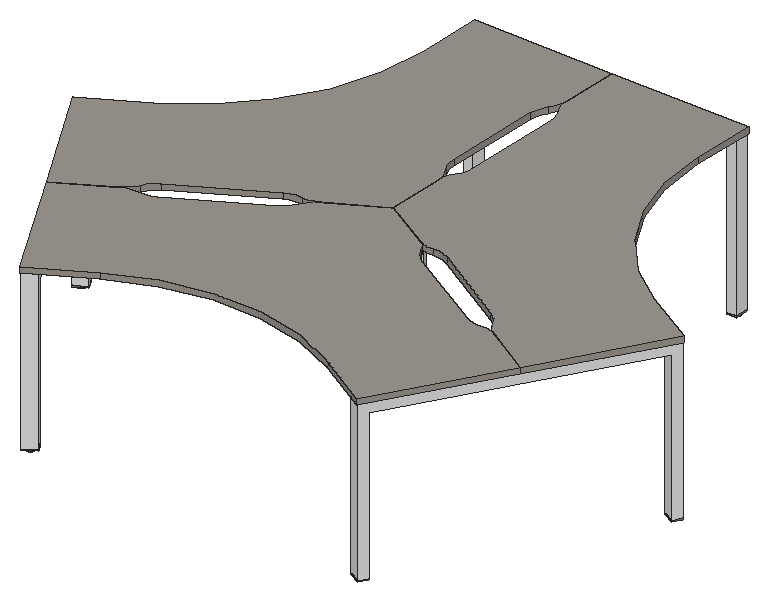
Revit family "120 Degree 3 User Symmetrical Workstation", category Furniture, Revit 2016
Family settings
  OmniClass Number = 23.40.20.00
  OmniClass Title = General Furniture and Specialties
  Work Plane-Based = No
  Always vertical = Yes
  Cut with Voids When Loaded = No
  Shared = No
  Room Calculation Point = No
Parameters
  URL = "www.gof.co.uk"
  Type Comments = ""
  Range = "MESA"
  Product Code = "MESWC1206-3"
  Desktop = Gresham - Nordic Ash
  Model = ""
  Manufacturer = "Gresham Office Furniture"  # constant formula
  Frame = Gresham - Black Metal
  Foot = Gresham - Black Plastic
  Assembly Code = "E2020200"
Reference planes
  plane 1 "Center (Front/Back)": y = -58.397
  plane 2: z = 0
  plane 3 "Center (Left/Right)": x = 0
  plane 4 "Desktop Underside": z = 702
  plane 5 "Foot": z = 10
  plane 6: y = 588.013
  plane 7: y = -704.808
  plane 8: x = -1039.23
  plane 9: x = 1039.23
Forms (mm)
  Extrusion 1, solid, material "Gresham - Nordic Ash" <- "Desktop"
    sketch origin (-2813.985, 1941.512, 702) x (-1, 0, 0) y (0, -1, 0)
      loop
        line (-3030.492, 1478.5) -> (-2813.985, 1353.5) -> (-2597.479, 1478.5)
        arc (-2597.479, 1478.5) -> (-2568.541, 1501.862) -> (-2548.146, 1532.963) r 120
        arc (-2548.146, 1532.963) -> (-2527.751, 1564.064) -> (-2498.813, 1587.426) r 120
        line (-2498.813, 1587.426) -> (-2134.927, 1797.516)
        arc (-2134.927, 1797.516) -> (-2100.226, 1810.895) -> (-2063.094, 1813.008) r 120
        arc (-2063.094, 1813.008) -> (-2025.963, 1815.12) -> (-1991.261, 1828.5) r 120
        line (-1991.261, 1828.5) -> (-1774.755, 1953.5) -> (-2074.755, 2473.115) -> (-2313.985, 2334.995)
        arc (-2313.985, 2334.995) -> (-2813.985, 2201.021) -> (-3313.985, 2334.995) r 1000
        line (-3313.985, 2334.995) -> (-3553.216, 2473.115) -> (-3853.216, 1953.5) -> (-3636.709, 1828.5)
        arc (-3636.709, 1828.5) -> (-3602.008, 1815.12) -> (-3564.876, 1813.008) r 120
        arc (-3564.876, 1813.008) -> (-3527.745, 1810.895) -> (-3493.043, 1797.516) r 120
        line (-3493.043, 1797.516) -> (-3129.158, 1587.426)
        arc (-3129.158, 1587.426) -> (-3100.22, 1564.064) -> (-3079.825, 1532.963) r 120
        arc (-3079.825, 1532.963) -> (-3059.43, 1501.862) -> (-3030.492, 1478.5) r 120
    from 0 to 25
  Sweep 2, solid, material "Gresham - Black Metal" <- "Frame"
    path in 3D
      loop
        line (-835.104, -240.545, 702) -> (0, 241.603, 702) -> (835.104, -240.545, 702)
    profile origin (-417.552, 0.529, 702) x (-0.5, 0.866025, 0) y (0, 0, 1)
      loop
        line (20, 0) -> (-20, 0) -> (-20, -40) -> (20, -40) -> (20, 0)
  Extrusion 3, solid, material "Gresham - Black Metal" <- "Frame"
    sketch origin (48.06, 60.47, 702) x (-1, 0, 0) y (0, -1, 0)
      loop
        line (28.06, -457.543) -> (68.06, -457.543) -> (68.06, -417.543) -> (28.06, -417.543) -> (28.06, -457.543)
    from -692 to -3
  Extrusion 4, solid, material "Gresham - Black Metal" <- "Frame"
    sketch origin (0, 0, 702) x (-1, 0, 0) y (0, -1, 0)
      loop
        line (8.66, -548.013) -> (47.631, -480.513)
        arc (47.631, -480.513) -> (47.631, -470.513) -> (38.971, -465.513) r 10
        line (38.971, -465.513) -> (-38.971, -465.513)
        arc (-38.971, -465.513) -> (-47.631, -470.513) -> (-47.631, -480.513) r 10
        line (-47.631, -480.513) -> (-8.66, -548.013)
        arc (-8.66, -548.013) -> (0, -553.013) -> (8.66, -548.013) r 10
    from 0 to -3
  Extrusion 5, solid, material "Gresham - Black Plastic" <- "Foot"
    sketch origin (0, 0, 10) x (-1, 0, 0) y (0, -1, 0)
      loop
        line (-20, -518.013) -> (20, -518.013) -> (20, -478.013) -> (-20, -478.013) -> (-20, -518.013)
    from 0 to -5
  Extrusion 6, solid, material "Gresham - Black Plastic" <- "Foot"
    sketch origin (0, 0, 10) x (-1, 0, 0) y (0, -1, 0)
      loop
        circle (0, -498.013) r 18
    from -5 to -10
  Extrusion 7, solid, material "Gresham - Nordic Ash" <- "Desktop"
    sketch origin (2579.158, 2348.246, 702) x (0.5, 0.866025, 0) y (-0.866025, 0.5, 0)
      loop
        line (-3030.492, 1478.5) -> (-2813.985, 1353.5) -> (-2597.479, 1478.5)
        arc (-2597.479, 1478.5) -> (-2568.541, 1501.862) -> (-2548.146, 1532.963) r 120
        arc (-2548.146, 1532.963) -> (-2527.751, 1564.064) -> (-2498.813, 1587.426) r 120
        line (-2498.813, 1587.426) -> (-2134.927, 1797.516)
        arc (-2134.927, 1797.516) -> (-2100.226, 1810.895) -> (-2063.094, 1813.008) r 120
        arc (-2063.094, 1813.008) -> (-2025.963, 1815.12) -> (-1991.261, 1828.5) r 120
        line (-1991.261, 1828.5) -> (-1774.755, 1953.5) -> (-2074.755, 2473.115) -> (-2313.985, 2334.995)
        arc (-2313.985, 2334.995) -> (-2813.985, 2201.021) -> (-3313.985, 2334.995) r 1000
        line (-3313.985, 2334.995) -> (-3553.216, 2473.115) -> (-3853.216, 1953.5) -> (-3636.709, 1828.5)
        arc (-3636.709, 1828.5) -> (-3602.008, 1815.12) -> (-3564.876, 1813.008) r 120
        arc (-3564.876, 1813.008) -> (-3527.745, 1810.895) -> (-3493.043, 1797.516) r 120
        line (-3493.043, 1797.516) -> (-3129.158, 1587.426)
        arc (-3129.158, 1587.426) -> (-3100.22, 1564.064) -> (-3079.825, 1532.963) r 120
        arc (-3079.825, 1532.963) -> (-3059.43, 1501.862) -> (-3030.492, 1478.5) r 120
    from 0 to 25
  Sweep 8, solid, material "Gresham - Black Metal" <- "Frame"
    path in 3D
      loop
        line (-300, 1725.513, 702) -> (-300, 761.218, 702) -> (-1135.104, 279.07, 702)
    profile origin (-300, 1243.365, 702) x (1, 0, 0) y (0, 0, 1)
      loop
        line (20, 0) -> (-20, 0) -> (-20, -40) -> (20, -40) -> (20, 0)
  Extrusion 9, solid, material "Gresham - Black Metal" <- "Frame"
    sketch origin (-480.895, 810.163, 702) x (0.5, 0.866025, 0) y (-0.866025, 0.5, 0)
      loop
        line (28.06, -457.543) -> (68.06, -457.543) -> (68.06, -417.543) -> (28.06, -417.543) -> (28.06, -457.543)
    from -692 to -3
  Extrusion 10, solid, material "Gresham - Black Metal" <- "Frame"
    sketch origin (-509.234, 882.019, 702) x (0.5, 0.866025, 0) y (-0.866025, 0.5, 0)
      loop
        line (8.66, -548.013) -> (47.631, -480.513)
        arc (47.631, -480.513) -> (47.631, -470.513) -> (38.971, -465.513) r 10
        line (38.971, -465.513) -> (-38.971, -465.513)
        arc (-38.971, -465.513) -> (-47.631, -470.513) -> (-47.631, -480.513) r 10
        line (-47.631, -480.513) -> (-8.66, -548.013)
        arc (-8.66, -548.013) -> (0, -553.013) -> (8.66, -548.013) r 10
    from 0 to -3
  Extrusion 11, solid, material "Gresham - Black Plastic" <- "Foot"
    sketch origin (-509.234, 882.019, 10) x (0.5, 0.866025, 0) y (-0.866025, 0.5, 0)
      loop
        line (-20, -518.013) -> (20, -518.013) -> (20, -478.013) -> (-20, -478.013) -> (-20, -518.013)
    from 0 to -5
  Extrusion 12, solid, material "Gresham - Black Plastic" <- "Foot"
    sketch origin (-509.234, 882.019, 10) x (0.5, 0.866025, 0) y (-0.866025, 0.5, 0)
      loop
        circle (0, -498.013) r 18
    from -5 to -10
  Extrusion 13, solid, material "Gresham - Nordic Ash" <- "Desktop"
    sketch origin (234.828, -2525.72, 702) x (0.5, -0.866025, 0) y (0.866025, 0.5, 0)
      loop
        line (-3030.492, 1478.5) -> (-2813.985, 1353.5) -> (-2597.479, 1478.5)
        arc (-2597.479, 1478.5) -> (-2568.541, 1501.862) -> (-2548.146, 1532.963) r 120
        arc (-2548.146, 1532.963) -> (-2527.751, 1564.064) -> (-2498.813, 1587.426) r 120
        line (-2498.813, 1587.426) -> (-2134.927, 1797.516)
        arc (-2134.927, 1797.516) -> (-2100.226, 1810.895) -> (-2063.094, 1813.008) r 120
        arc (-2063.094, 1813.008) -> (-2025.963, 1815.12) -> (-1991.261, 1828.5) r 120
        line (-1991.261, 1828.5) -> (-1774.755, 1953.5) -> (-2074.755, 2473.115) -> (-2313.985, 2334.995)
        arc (-2313.985, 2334.995) -> (-2813.985, 2201.021) -> (-3313.985, 2334.995) r 1000
        line (-3313.985, 2334.995) -> (-3553.216, 2473.115) -> (-3853.216, 1953.5) -> (-3636.709, 1828.5)
        arc (-3636.709, 1828.5) -> (-3602.008, 1815.12) -> (-3564.876, 1813.008) r 120
        arc (-3564.876, 1813.008) -> (-3527.745, 1810.895) -> (-3493.043, 1797.516) r 120
        line (-3493.043, 1797.516) -> (-3129.158, 1587.426)
        arc (-3129.158, 1587.426) -> (-3100.22, 1564.064) -> (-3079.825, 1532.963) r 120
        arc (-3079.825, 1532.963) -> (-3059.43, 1501.862) -> (-3030.492, 1478.5) r 120
    from 0 to 25
  Sweep 14, solid, material "Gresham - Black Metal" <- "Frame"
    path in 3D
      loop
        line (1135.104, 279.07, 702) -> (300, 761.218, 702) -> (300, 1725.513, 702)
    profile origin (717.552, 520.144, 702) x (-0.5, -0.866025, 0) y (0, 0, 1)
      loop
        line (20, 0) -> (-20, 0) -> (-20, -40) -> (20, -40) -> (20, 0)
  Extrusion 15, solid, material "Gresham - Black Metal" <- "Frame"
    sketch origin (432.835, 893.405, 702) x (0.5, -0.866025, 0) y (0.866025, 0.5, 0)
      loop
        line (28.06, -457.543) -> (68.06, -457.543) -> (68.06, -417.543) -> (28.06, -417.543) -> (28.06, -457.543)
    from -692 to -3
  Extrusion 16, solid, material "Gresham - Black Metal" <- "Frame"
    sketch origin (509.234, 882.019, 702) x (0.5, -0.866025, 0) y (0.866025, 0.5, 0)
      loop
        line (8.66, -548.013) -> (47.631, -480.513)
        arc (47.631, -480.513) -> (47.631, -470.513) -> (38.971, -465.513) r 10
        line (38.971, -465.513) -> (-38.971, -465.513)
        arc (-38.971, -465.513) -> (-47.631, -470.513) -> (-47.631, -480.513) r 10
        line (-47.631, -480.513) -> (-8.66, -548.013)
        arc (-8.66, -548.013) -> (0, -553.013) -> (8.66, -548.013) r 10
    from 0 to -3
  Extrusion 17, solid, material "Gresham - Black Plastic" <- "Foot"
    sketch origin (509.234, 882.019, 10) x (0.5, -0.866025, 0) y (0.866025, 0.5, 0)
      loop
        line (-20, -518.013) -> (20, -518.013) -> (20, -478.013) -> (-20, -478.013) -> (-20, -518.013)
    from 0 to -5
  Extrusion 18, solid, material "Gresham - Black Plastic" <- "Foot"
    sketch origin (509.234, 882.019, 10) x (0.5, -0.866025, 0) y (0.866025, 0.5, 0)
      loop
        circle (0, -498.013) r 18
    from -5 to -10
Lines and regions (mm)
  model lines
    curve 1: line (-835.104, -240.545, 702) -> (0, 241.603, 702)
    curve 2: line (835.104, -240.545, 702) -> (0, 241.603, 702)
    curve 5: line (-300, 1725.513, 702) -> (-300, 761.218, 702)
    curve 6: line (-1135.104, 279.07, 702) -> (-300, 761.218, 702)
    curve 9: line (1135.104, 279.07, 702) -> (300, 761.218, 702)
    curve 10: line (300, 1725.513, 702) -> (300, 761.218, 702)
  sketch lines
    curve 3: line (-835.104, -240.545, 702) -> (0, 241.603, 702)
    curve 4: line (835.104, -240.545, 702) -> (0, 241.603, 702)
    curve 7: line (-300, 1725.513, 702) -> (-300, 761.218, 702)
    curve 8: line (-1135.104, 279.07, 702) -> (-300, 761.218, 702)
    curve 11: line (1135.104, 279.07, 702) -> (300, 761.218, 702)
    curve 12: line (300, 1725.513, 702) -> (300, 761.218, 702)
Dimensions and locks
  locked: plane 4 "Desktop Underside" to plane 2 at 702
  locked: plane 2 to plane 5 "Foot" at 10
  plane 7 to plane 1 "Center (Front/Back)" to plane 6 = 646.41 mm, 646.41 mm
  Extrusion 1 sketch curve to Extrusion 1 sketch curve = 1200 mm  (x2)
  Extrusion 1 sketch curve to Extrusion 1 sketch curve = 250 mm  (x4)
  Extrusion 1 sketch curve to Extrusion 1 sketch curve = 45 mm  (x2)
  plane 8 to plane 9 = 2078.461 mm
  equal spacing: plane 8, plane 3 "Center (Left/Right)", plane 9
  Sweep 2 sketch curve to Extrusion 1 = 40 mm
  Sweep 2 sketch curve to Sweep 2 sketch curve = 40 mm
  plane 7 to plane 6 = 1292.82 mm
  nested 2 to level = 10 mm
  locked: Extrusion 1 to nested 1 at 2.5  (x2)
  locked: Extrusion 1 to nested 2 at 2.5  (x2)
  Extrusion 7 sketch curve to Extrusion 7 sketch curve = 1200 mm  (x2)
  Extrusion 7 sketch curve to Extrusion 7 sketch curve = 250 mm  (x4)
  Extrusion 7 sketch curve to Extrusion 7 sketch curve = 45 mm  (x2)
  Sweep 8 sketch curve to Extrusion 7 = 40 mm
  Sweep 8 sketch curve to Sweep 8 sketch curve = 40 mm
  locked: Extrusion 7 to nested 3 at 2.5  (x2)
  locked: Extrusion 7 to nested 4 at 2.5  (x2)
  Extrusion 13 sketch curve to Extrusion 13 sketch curve = 1200 mm  (x2)
  Extrusion 13 sketch curve to Extrusion 13 sketch curve = 250 mm  (x4)
  Extrusion 13 sketch curve to Extrusion 13 sketch curve = 45 mm  (x2)
  Sweep 14 sketch curve to Extrusion 13 = 40 mm
  Sweep 14 sketch curve to Sweep 14 sketch curve = 40 mm
  locked: Extrusion 13 to nested 5 at 2.5  (x2)
  locked: Extrusion 13 to nested 6 at 2.5  (x2)
  radius of Extrusion 6 sketch curve = 18 mm
  radius of Extrusion 12 sketch curve = 18 mm
  radius of Extrusion 18 sketch curve = 18 mm
  aligned and locked: level to plane 2
  aligned and locked: Extrusion 3 to Extrusion 4
  aligned and locked: Extrusion 6 to Extrusion 5
  aligned and locked: Extrusion 9 to Extrusion 10
  aligned and locked: Extrusion 12 to Extrusion 11
  aligned and locked: Extrusion 15 to Extrusion 16
  aligned and locked: Extrusion 18 to Extrusion 17
Automatic sketch dimensions
  profile plane to Sweep 2 sketch curve = 0 mm
  profile plane to Sweep 2 sketch curve = 20 mm
  Extrusion 3 sketch curve to Extrusion 3 sketch curve = 40 mm  (x2)
  Extrusion 4 sketch curve to Extrusion 4 sketch curve = 8.66 mm  (x4)
  Extrusion 4 sketch curve to Extrusion 4 sketch curve = 38.971 mm
  Extrusion 4 sketch curve to Extrusion 4 sketch curve = 77.942 mm
  Extrusion 4 sketch curve to Extrusion 4 sketch curve = 5 mm  (x2)
  Extrusion 4 sketch curve to Extrusion 4 sketch curve = 67.5 mm
  Extrusion 4 sketch curve to Extrusion 4 sketch curve = 15 mm
  Extrusion 5 sketch curve to Extrusion 5 sketch curve = 40 mm  (x2)
  Extrusion 1 sketch curve to Extrusion 1 sketch curve = 239.23 mm  (x2)
  Extrusion 1 sketch curve to Extrusion 1 sketch curve = 60 mm  (x8)
  Extrusion 1 sketch curve to Extrusion 1 sketch curve = 83.666 mm  (x2)
  Extrusion 1 sketch curve to Extrusion 1 sketch curve = 98.666 mm  (x2)
  Extrusion 1 sketch curve to Extrusion 1 sketch curve = 103.923 mm  (x8)
  Extrusion 1 sketch curve to Extrusion 1 sketch curve = 866.025 mm
  Extrusion 1 sketch curve to Extrusion 1 sketch curve = 138.12 mm
  Extrusion 1 sketch curve to Extrusion 1 sketch curve = 216.506 mm  (x2)
  Extrusion 1 sketch curve to Extrusion 1 sketch curve = 23.494 mm
  Extrusion 1 sketch curve to Extrusion 1 sketch curve = 363.885 mm  (x2)
  Extrusion 1 sketch curve to Extrusion 1 sketch curve = 500 mm
  Extrusion 1 sketch curve to Extrusion 1 sketch curve = 156.506 mm
  profile plane to Sweep 8 sketch curve = 0 mm
  profile plane to Sweep 8 sketch curve = 20 mm
  Extrusion 9 sketch curve to Extrusion 9 sketch curve = 40 mm  (x2)
  Extrusion 10 sketch curve to Extrusion 10 sketch curve = 8.66 mm  (x4)
  Extrusion 10 sketch curve to Extrusion 10 sketch curve = 38.971 mm
  Extrusion 10 sketch curve to Extrusion 10 sketch curve = 77.942 mm
  Extrusion 10 sketch curve to Extrusion 10 sketch curve = 5 mm  (x2)
  Extrusion 10 sketch curve to Extrusion 10 sketch curve = 67.5 mm
  Extrusion 10 sketch curve to Extrusion 10 sketch curve = 15 mm
  Extrusion 11 sketch curve to Extrusion 11 sketch curve = 40 mm  (x2)
  Extrusion 7 sketch curve to Extrusion 7 sketch curve = 239.23 mm  (x2)
  Extrusion 7 sketch curve to Extrusion 7 sketch curve = 60 mm  (x8)
  Extrusion 7 sketch curve to Extrusion 7 sketch curve = 83.666 mm  (x2)
  Extrusion 7 sketch curve to Extrusion 7 sketch curve = 98.666 mm  (x2)
  Extrusion 7 sketch curve to Extrusion 7 sketch curve = 103.923 mm  (x8)
  Extrusion 7 sketch curve to Extrusion 7 sketch curve = 866.025 mm
  Extrusion 7 sketch curve to Extrusion 7 sketch curve = 138.12 mm
  Extrusion 7 sketch curve to Extrusion 7 sketch curve = 216.506 mm  (x2)
  Extrusion 7 sketch curve to Extrusion 7 sketch curve = 23.494 mm
  Extrusion 7 sketch curve to Extrusion 7 sketch curve = 363.885 mm  (x2)
  Extrusion 7 sketch curve to Extrusion 7 sketch curve = 500 mm
  Extrusion 7 sketch curve to Extrusion 7 sketch curve = 156.506 mm
  profile plane to Sweep 14 sketch curve = 0 mm
  profile plane to Sweep 14 sketch curve = 20 mm
  Extrusion 15 sketch curve to Extrusion 15 sketch curve = 40 mm  (x2)
  Extrusion 16 sketch curve to Extrusion 16 sketch curve = 8.66 mm  (x4)
  Extrusion 16 sketch curve to Extrusion 16 sketch curve = 38.971 mm
  Extrusion 16 sketch curve to Extrusion 16 sketch curve = 77.942 mm
  Extrusion 16 sketch curve to Extrusion 16 sketch curve = 5 mm  (x2)
  Extrusion 16 sketch curve to Extrusion 16 sketch curve = 67.5 mm
  Extrusion 16 sketch curve to Extrusion 16 sketch curve = 15 mm
  Extrusion 17 sketch curve to Extrusion 17 sketch curve = 40 mm  (x2)
  Extrusion 13 sketch curve to Extrusion 13 sketch curve = 239.23 mm  (x2)
  Extrusion 13 sketch curve to Extrusion 13 sketch curve = 60 mm  (x8)
  Extrusion 13 sketch curve to Extrusion 13 sketch curve = 83.666 mm  (x2)
  Extrusion 13 sketch curve to Extrusion 13 sketch curve = 98.666 mm  (x2)
  Extrusion 13 sketch curve to Extrusion 13 sketch curve = 103.923 mm  (x8)
  Extrusion 13 sketch curve to Extrusion 13 sketch curve = 866.025 mm
  Extrusion 13 sketch curve to Extrusion 13 sketch curve = 138.12 mm
  Extrusion 13 sketch curve to Extrusion 13 sketch curve = 216.506 mm  (x2)
  Extrusion 13 sketch curve to Extrusion 13 sketch curve = 23.494 mm
  Extrusion 13 sketch curve to Extrusion 13 sketch curve = 363.885 mm  (x2)
  Extrusion 13 sketch curve to Extrusion 13 sketch curve = 500 mm
  Extrusion 13 sketch curve to Extrusion 13 sketch curve = 156.506 mm
Nested families
  nested 1: "1200 Mesa Leg" at (792.82, 361.218, 0) x (0.866, -0.5, 0) z (0, 0, 1), type "1200 Mesa Leg"
  nested 2: "1200 Mesa Leg" at (-792.82, 361.218, 0) x (-0.866, -0.5, 0) z (0, 0, 1), type "1200 Mesa Leg"
  nested 3: "1200 Mesa Leg" at (-592.82, 14.808, 0) x (-0.866, -0.5, 0) z (0, 0, 1), type "1200 Mesa Leg"
  nested 4: "1200 Mesa Leg" at (200, 1388.013, 0) x (0, 1, 0) z (0, 0, 1), type "1200 Mesa Leg"
  nested 5: "1200 Mesa Leg" at (-200, 1388.013, 0) x (0, 1, 0) z (0, 0, 1), type "1200 Mesa Leg"
  nested 6: "1200 Mesa Leg" at (592.82, 14.808, 0) x (0.866, -0.5, 0) z (0, 0, 1), type "1200 Mesa Leg"
Definition of nested family "1200 Mesa Leg"
  Parameters (values of type "1200 Mesa Leg")
    Width = 800 mm
    URL = "www.gof.co.uk"
    Type Comments = ""
    Range = "MESA"
    Product Code = "1200 Leg"
    Model = ""
    Manufacturer = "Gresham Office Furniture"  # constant formula
    Frame = none
    Foot = none
    Assembly Code = "E2020200"
  Reference planes
    plane 1 "Center (Front/Back)": y = -200
    plane 2: z = 0
    plane 3 "Center (Left/Right)": x = 0
    plane 4: x = -400
    plane 5: x = 400
    plane 6 "Desktop Underside": z = 702
    plane 7: y = 400
    plane 8: y = -800
    plane 9 "Foot": z = 10
  Forms (mm)
    Extrusion 1, solid, material <- "Frame"
      sketch origin (997.5, 311.693, 702) x (0, -1, 0) y (0, 0, 1)
        loop
          line (383.606, 0) -> (-85.807, 0) -> (-85.807, -692) -> (-45.807, -692) -> (-45.807, -40) -> (1069.193, -40) -> (1069.193, -692) -> (1109.193, -692) -> (1109.193, 0) -> (383.606, 0)
      from 600 to 660
    Extrusion 2, solid, material <- "Foot"
      sketch origin (481.991, 484.546, 10) x (-0.707107, 0.707107, 0) y (-0.707107, -0.707107, 0)
        loop
          line (-804.373, 1008.714) -> (-846.799, 966.287) -> (-818.515, 938.003) -> (-776.088, 980.43) -> (-804.373, 1008.714)
        loop
          line (40.62, 163.721) -> (12.336, 192.005) -> (-30.091, 149.579) -> (-1.807, 121.295) -> (40.62, 163.721)
      from 0 to -5
    Extrusion 3, solid
      sketch origin (487.674, 479.532, 0) x (0.707107, -0.707107, 0) y (0.707107, 0.707107, 0)
        loop
          circle (-12.828, -157.123) r 18
        loop
          circle (803.88, -973.831) r 18
      from 0 to 5
  Dimensions and locks
    locked: plane 6 "Desktop Underside" to plane 2 at 702
    equal spacing: plane 4, plane 3 "Center (Left/Right)", plane 5
    "Width": plane 4 to plane 5
    equal spacing: plane 7, plane 1 "Center (Front/Back)", plane 8
    locked: plane 7 to plane 8 at 1200
    Extrusion 1 sketch curve to Extrusion 1 sketch curve = 40 mm  (x2)
    locked: Extrusion 1 to plane 8 at 2.5
    locked: plane 7 to Extrusion 1 at 2.5
    Extrusion 1 to Extrusion 2 sketch curve = 40 mm
    locked: Extrusion 1 to Extrusion 1 at 60
    locked: plane 7 to Extrusion 3 sketch curve at 22.5
    locked: Extrusion 3 sketch curve to plane 5 at 32.5  (x2)
    locked: Extrusion 3 sketch curve to plane 8 at 22.5
    aligned and locked: level to plane 2
  Automatic sketch dimensions
    Extrusion 1 sketch curve to plane 6 "Desktop Underside" = 0 mm
    Extrusion 1 sketch curve to plane 9 "Foot" = 0 mm  (x2)
    Extrusion 1 sketch curve to plane 1 "Center (Front/Back)" = 128.087 mm
    plane 5 to Extrusion 2 sketch curve = 2.5 mm
    plane 8 to Extrusion 2 sketch curve = 2.5 mm
    Extrusion 2 sketch curve to Extrusion 2 sketch curve = 28.284 mm  (x3)
    Extrusion 2 sketch curve to Extrusion 2 sketch curve = 42.426 mm  (x2)
    Extrusion 2 sketch curve to Extrusion 2 sketch curve = 788.424 mm
    Extrusion 1 sketch curve to plane 7 = 42.5 mm
    plane 8 to Extrusion 1 sketch curve = 42.5 mm
    Extrusion 1 sketch curve to plane 6 "Desktop Underside" = 40 mm
    radius of Extrusion 3 sketch curve = 18 mm  (x2)
